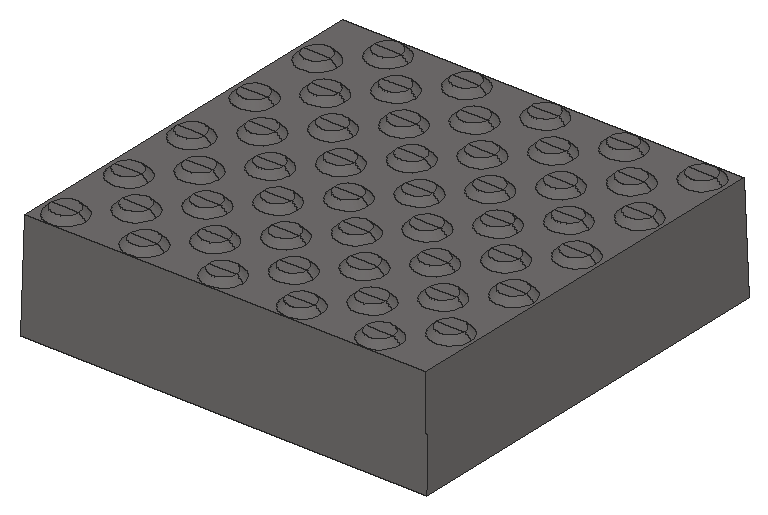
Revit family "Bodenindikator KeDi 50 ", category Allgemeines Modell, Revit 2016
Family settings
  Teiletyp = Normal
  Kann Basisbauteil für Bewehrung sein = Nein
  Bemaßung runder Anschluss = Durchmesser verwenden
  Arbeitsebenenbasiert = Nein
  Immer vertikal = Ja
  Beim Laden mit Abzugskörper schneiden = Nein
  Gemeinsam genutzt = Nein
  Raumberechnungspunkt = Nein
Parameters (values of type "KeDi50 - 300/300/80,45 Anthrazit")
  www = "www.Betonsteinwerk-Knapp.de"
  Steindicke = ""
  Rastermaß L/ B in mm = "300/300"
  RIL = "813.02.01"
  R-Wert  nach DIN 51130 = "R11"
  Produzent = "IKM Betonsteinwerk Knapp & Co GmbH, Muggensturm"
  Produktname = "KeDi50"
  Produktionsnorm = "DIN V 18500"
  Produktfamilie = "Bodenindikator"
  Oberflächenausbildung = "Kegelstumpf"
  Norm = "DIN 32984"
  Materialität = Nr. 469 Anthrazit
  Material = "Hochleistungsfaserbeton"
  LRV-Wert = "3,97"
  Manufacturer = ""
  Gewicht/St = "16,6"
  GTIN - Nummer = "4060851017059"
  Frost- und Tausalzwiderstand (CDF) in g/m² im Mittel = "231"
  Fasenausbildung = "Minifase"
  Farbausführung = "Nr. 469 Anthrazit mit Oberflächenvergütung"
  Email = "Info@Betonsteinwerk-knapp.de"
  Auftrittsfläche = "Rändelstruktur"
  Artikelnummer = "5-305008-469-90"
  80.45 = yes
  64.5 = no
Types (4, lengths in mm): name | R-Wert  nach DIN 51130 | Materialität | LRV-Wert | Gewicht/St | GTIN - Nummer | Frost- und Tausalzwiderstand (CDF) in g/m² im Mittel | Farbausführung | Artikelnummer | 80.45 | 64.5
  KeDi50 - 300/300/64,5 Weiß | "R12" | Nr. 470 Weiß | "53,06" | "12.2" | "4060851017042" | "430" | "Nr. 470 Weiß" | "5-305008-470-00" | no | yes
  KeDi50 - 300/300/80,45 Weiß | "R12" | Nr. 470 Weiß | "53,06" | "16,6" | "4060851017042" | "430" | "Nr. 470 Weiß" | "5-305008-470-00" | yes | no
  KeDi50 - 300/300/80,45 Anthrazit | "R11" | Nr. 469 Anthrazit | "3,97" | "16,6" | "4060851017059" | "231" | "Nr. 469 Anthrazit mit Oberflächenvergütung" | "5-305008-469-90" | yes | no
  KeDi50 - 300/300/64,5 Anthrazit | "R11" | Nr. 469 Anthrazit | "3,97" | "12.2" | "4060851017059" | "231" | "Nr. 469 Anthrazit mit Oberflächenvergütung" | "5-305008-469-90" | no | yes
Reference planes
  plane 1 "Mitte (Vorne/Hinten)": y = 0
  plane 2: z = 0
  plane 3 "Mitte (Links/Rechts)": x = 0
Forms (mm)
  Extrusion 1, solid, material "Nr. 469 Anthrazit" <- "Materialität", visible <- "80.45", detail levels medium+fine
    sketch origin (0, 0, 0) x (1, 0, 0) y (0, 0, 1)
      loop
        line (-299.62, 0) -> (0, 0) -> (-1.809, 80) -> (-297.811, 80) -> (-299.62, 0)
    from 0 to 297
  Revolve 2, solid, material "Nr. 469 Anthrazit" <- "Materialität", visible <- "80.45", detail levels medium+fine
    sketch origin (0.19, -18.5, 0) x (1, 0, 0) y (0, 0, 1)
      loop
        line (-29.31, 84.5) -> (-33.81, 80) -> (-19.31, 80) -> (-19.31, 84.5) -> (-29.31, 84.5)
      axis (-19.31, 84.5) -> (-19.31, 80)
    angle from 0 to 360
  Revolve 3, solid, material "Nr. 469 Anthrazit" <- "Materialität", visible <- "80.45", detail levels medium+fine
    sketch origin (-57.81, -18.5, 0) x (1, 0, 0) y (0, 0, 1)
      loop
        line (-29.31, 84.5) -> (-33.81, 80) -> (-19.31, 80) -> (-19.31, 84.5) -> (-29.31, 84.5)
      axis (-19.31, 84.5) -> (-19.31, 80)
    angle from 0 to 360
  Revolve 4, solid, material "Nr. 469 Anthrazit" <- "Materialität", visible <- "80.45", detail levels medium+fine
    sketch origin (-115.81, -18.5, 0) x (1, 0, 0) y (0, 0, 1)
      loop
        line (-29.31, 84.5) -> (-33.81, 80) -> (-19.31, 80) -> (-19.31, 84.5) -> (-29.31, 84.5)
      axis (-19.31, 84.5) -> (-19.31, 80)
    angle from 0 to 360
  Revolve 5, solid, material "Nr. 469 Anthrazit" <- "Materialität", visible <- "80.45", detail levels medium+fine
    sketch origin (-173.81, -18.5, 0) x (1, 0, 0) y (0, 0, 1)
      loop
        line (-29.31, 84.5) -> (-33.81, 80) -> (-19.31, 80) -> (-19.31, 84.5) -> (-29.31, 84.5)
      axis (-19.31, 84.5) -> (-19.31, 80)
    angle from 0 to 360
  Revolve 6, solid, material "Nr. 469 Anthrazit" <- "Materialität", visible <- "80.45", detail levels medium+fine
    sketch origin (-231.81, -18.5, 0) x (1, 0, 0) y (0, 0, 1)
      loop
        line (-29.31, 84.5) -> (-33.81, 80) -> (-19.31, 80) -> (-19.31, 84.5) -> (-29.31, 84.5)
      axis (-19.31, 84.5) -> (-19.31, 80)
    angle from 0 to 360
  Revolve 7, solid, material "Nr. 469 Anthrazit" <- "Materialität", visible <- "80.45", detail levels medium+fine
    sketch origin (-260.81, -47.5, 0) x (1, 0, 0) y (0, 0, 1)
      loop
        line (-29.31, 84.5) -> (-33.81, 80) -> (-19.31, 80) -> (-19.31, 84.5) -> (-29.31, 84.5)
      axis (-19.31, 84.5) -> (-19.31, 80)
    angle from 0 to 360
  Revolve 8, solid, material "Nr. 469 Anthrazit" <- "Materialität", visible <- "80.45", detail levels medium+fine
    sketch origin (-202.81, -47.5, 0) x (1, 0, 0) y (0, 0, 1)
      loop
        line (-29.31, 84.5) -> (-33.81, 80) -> (-19.31, 80) -> (-19.31, 84.5) -> (-29.31, 84.5)
      axis (-19.31, 84.5) -> (-19.31, 80)
    angle from 0 to 360
  Revolve 9, solid, material "Nr. 469 Anthrazit" <- "Materialität", visible <- "80.45", detail levels medium+fine
    sketch origin (-144.81, -47.5, 0) x (1, 0, 0) y (0, 0, 1)
      loop
        line (-29.31, 84.5) -> (-33.81, 80) -> (-19.31, 80) -> (-19.31, 84.5) -> (-29.31, 84.5)
      axis (-19.31, 84.5) -> (-19.31, 80)
    angle from 0 to 360
  Revolve 10, solid, material "Nr. 469 Anthrazit" <- "Materialität", visible <- "80.45", detail levels medium+fine
    sketch origin (-86.81, -47.5, 0) x (1, 0, 0) y (0, 0, 1)
      loop
        line (-29.31, 84.5) -> (-33.81, 80) -> (-19.31, 80) -> (-19.31, 84.5) -> (-29.31, 84.5)
      axis (-19.31, 84.5) -> (-19.31, 80)
    angle from 0 to 360
  Revolve 11, solid, material "Nr. 469 Anthrazit" <- "Materialität", visible <- "80.45", detail levels medium+fine
    sketch origin (-28.81, -47.5, 0) x (1, 0, 0) y (0, 0, 1)
      loop
        line (-29.31, 84.5) -> (-33.81, 80) -> (-19.31, 80) -> (-19.31, 84.5) -> (-29.31, 84.5)
      axis (-19.31, 84.5) -> (-19.31, 80)
    angle from 0 to 360
  Revolve 12, solid, material "Nr. 469 Anthrazit" <- "Materialität", visible <- "80.45", detail levels medium+fine
    sketch origin (0.19, -76.5, 0) x (1, 0, 0) y (0, 0, 1)
      loop
        line (-29.31, 84.5) -> (-33.81, 80) -> (-19.31, 80) -> (-19.31, 84.5) -> (-29.31, 84.5)
      axis (-19.31, 84.5) -> (-19.31, 80)
    angle from 0 to 360
  Revolve 13, solid, material "Nr. 469 Anthrazit" <- "Materialität", visible <- "80.45", detail levels medium+fine
    sketch origin (-57.81, -76.5, 0) x (1, 0, 0) y (0, 0, 1)
      loop
        line (-29.31, 84.5) -> (-33.81, 80) -> (-19.31, 80) -> (-19.31, 84.5) -> (-29.31, 84.5)
      axis (-19.31, 84.5) -> (-19.31, 80)
    angle from 0 to 360
  Revolve 14, solid, material "Nr. 469 Anthrazit" <- "Materialität", visible <- "80.45", detail levels medium+fine
    sketch origin (-115.81, -76.5, 0) x (1, 0, 0) y (0, 0, 1)
      loop
        line (-29.31, 84.5) -> (-33.81, 80) -> (-19.31, 80) -> (-19.31, 84.5) -> (-29.31, 84.5)
      axis (-19.31, 84.5) -> (-19.31, 80)
    angle from 0 to 360
  Revolve 15, solid, material "Nr. 469 Anthrazit" <- "Materialität", visible <- "80.45", detail levels medium+fine
    sketch origin (-173.81, -76.5, 0) x (1, 0, 0) y (0, 0, 1)
      loop
        line (-29.31, 84.5) -> (-33.81, 80) -> (-19.31, 80) -> (-19.31, 84.5) -> (-29.31, 84.5)
      axis (-19.31, 84.5) -> (-19.31, 80)
    angle from 0 to 360
  Revolve 16, solid, material "Nr. 469 Anthrazit" <- "Materialität", visible <- "80.45", detail levels medium+fine
    sketch origin (-231.81, -76.5, 0) x (1, 0, 0) y (0, 0, 1)
      loop
        line (-29.31, 84.5) -> (-33.81, 80) -> (-19.31, 80) -> (-19.31, 84.5) -> (-29.31, 84.5)
      axis (-19.31, 84.5) -> (-19.31, 80)
    angle from 0 to 360
  Revolve 17, solid, material "Nr. 469 Anthrazit" <- "Materialität", visible <- "80.45", detail levels medium+fine
    sketch origin (-260.81, -105.5, 0) x (1, 0, 0) y (0, 0, 1)
      loop
        line (-29.31, 84.5) -> (-33.81, 80) -> (-19.31, 80) -> (-19.31, 84.5) -> (-29.31, 84.5)
      axis (-19.31, 84.5) -> (-19.31, 80)
    angle from 0 to 360
  Revolve 18, solid, material "Nr. 469 Anthrazit" <- "Materialität", visible <- "80.45", detail levels medium+fine
    sketch origin (-202.81, -105.5, 0) x (1, 0, 0) y (0, 0, 1)
      loop
        line (-29.31, 84.5) -> (-33.81, 80) -> (-19.31, 80) -> (-19.31, 84.5) -> (-29.31, 84.5)
      axis (-19.31, 84.5) -> (-19.31, 80)
    angle from 0 to 360
  Revolve 19, solid, material "Nr. 469 Anthrazit" <- "Materialität", visible <- "80.45", detail levels medium+fine
    sketch origin (-144.81, -105.5, 0) x (1, 0, 0) y (0, 0, 1)
      loop
        line (-29.31, 84.5) -> (-33.81, 80) -> (-19.31, 80) -> (-19.31, 84.5) -> (-29.31, 84.5)
      axis (-19.31, 84.5) -> (-19.31, 80)
    angle from 0 to 360
  Revolve 20, solid, material "Nr. 469 Anthrazit" <- "Materialität", visible <- "80.45", detail levels medium+fine
    sketch origin (-86.81, -105.5, 0) x (1, 0, 0) y (0, 0, 1)
      loop
        line (-29.31, 84.5) -> (-33.81, 80) -> (-19.31, 80) -> (-19.31, 84.5) -> (-29.31, 84.5)
      axis (-19.31, 84.5) -> (-19.31, 80)
    angle from 0 to 360
  Revolve 21, solid, material "Nr. 469 Anthrazit" <- "Materialität", visible <- "80.45", detail levels medium+fine
    sketch origin (-28.81, -105.5, 0) x (1, 0, 0) y (0, 0, 1)
      loop
        line (-29.31, 84.5) -> (-33.81, 80) -> (-19.31, 80) -> (-19.31, 84.5) -> (-29.31, 84.5)
      axis (-19.31, 84.5) -> (-19.31, 80)
    angle from 0 to 360
  Revolve 22, solid, material "Nr. 469 Anthrazit" <- "Materialität", visible <- "80.45", detail levels medium+fine
    sketch origin (0.19, -134.5, 0) x (1, 0, 0) y (0, 0, 1)
      loop
        line (-29.31, 84.5) -> (-33.81, 80) -> (-19.31, 80) -> (-19.31, 84.5) -> (-29.31, 84.5)
      axis (-19.31, 84.5) -> (-19.31, 80)
    angle from 0 to 360
  Revolve 23, solid, material "Nr. 469 Anthrazit" <- "Materialität", visible <- "80.45", detail levels medium+fine
    sketch origin (-57.81, -134.5, 0) x (1, 0, 0) y (0, 0, 1)
      loop
        line (-29.31, 84.5) -> (-33.81, 80) -> (-19.31, 80) -> (-19.31, 84.5) -> (-29.31, 84.5)
      axis (-19.31, 84.5) -> (-19.31, 80)
    angle from 0 to 360
  Revolve 24, solid, material "Nr. 469 Anthrazit" <- "Materialität", visible <- "80.45", detail levels medium+fine
    sketch origin (-115.81, -134.5, 0) x (1, 0, 0) y (0, 0, 1)
      loop
        line (-29.31, 84.5) -> (-33.81, 80) -> (-19.31, 80) -> (-19.31, 84.5) -> (-29.31, 84.5)
      axis (-19.31, 84.5) -> (-19.31, 80)
    angle from 0 to 360
  Revolve 25, solid, material "Nr. 469 Anthrazit" <- "Materialität", visible <- "80.45", detail levels medium+fine
    sketch origin (-173.81, -134.5, 0) x (1, 0, 0) y (0, 0, 1)
      loop
        line (-29.31, 84.5) -> (-33.81, 80) -> (-19.31, 80) -> (-19.31, 84.5) -> (-29.31, 84.5)
      axis (-19.31, 84.5) -> (-19.31, 80)
    angle from 0 to 360
  Revolve 26, solid, material "Nr. 469 Anthrazit" <- "Materialität", visible <- "80.45", detail levels medium+fine
    sketch origin (-231.81, -134.5, 0) x (1, 0, 0) y (0, 0, 1)
      loop
        line (-29.31, 84.5) -> (-33.81, 80) -> (-19.31, 80) -> (-19.31, 84.5) -> (-29.31, 84.5)
      axis (-19.31, 84.5) -> (-19.31, 80)
    angle from 0 to 360
  Revolve 27, solid, material "Nr. 469 Anthrazit" <- "Materialität", visible <- "80.45", detail levels medium+fine
    sketch origin (-260.81, -163.5, 0) x (1, 0, 0) y (0, 0, 1)
      loop
        line (-29.31, 84.5) -> (-33.81, 80) -> (-19.31, 80) -> (-19.31, 84.5) -> (-29.31, 84.5)
      axis (-19.31, 84.5) -> (-19.31, 80)
    angle from 0 to 360
  Revolve 28, solid, material "Nr. 469 Anthrazit" <- "Materialität", visible <- "80.45", detail levels medium+fine
    sketch origin (-202.81, -163.5, 0) x (1, 0, 0) y (0, 0, 1)
      loop
        line (-29.31, 84.5) -> (-33.81, 80) -> (-19.31, 80) -> (-19.31, 84.5) -> (-29.31, 84.5)
      axis (-19.31, 84.5) -> (-19.31, 80)
    angle from 0 to 360
  Revolve 29, solid, material "Nr. 469 Anthrazit" <- "Materialität", visible <- "80.45", detail levels medium+fine
    sketch origin (-144.81, -163.5, 0) x (1, 0, 0) y (0, 0, 1)
      loop
        line (-29.31, 84.5) -> (-33.81, 80) -> (-19.31, 80) -> (-19.31, 84.5) -> (-29.31, 84.5)
      axis (-19.31, 84.5) -> (-19.31, 80)
    angle from 0 to 360
  Revolve 30, solid, material "Nr. 469 Anthrazit" <- "Materialität", visible <- "80.45", detail levels medium+fine
    sketch origin (-86.81, -163.5, 0) x (1, 0, 0) y (0, 0, 1)
      loop
        line (-29.31, 84.5) -> (-33.81, 80) -> (-19.31, 80) -> (-19.31, 84.5) -> (-29.31, 84.5)
      axis (-19.31, 84.5) -> (-19.31, 80)
    angle from 0 to 360
  Revolve 31, solid, material "Nr. 469 Anthrazit" <- "Materialität", visible <- "80.45", detail levels medium+fine
    sketch origin (-28.81, -163.5, 0) x (1, 0, 0) y (0, 0, 1)
      loop
        line (-29.31, 84.5) -> (-33.81, 80) -> (-19.31, 80) -> (-19.31, 84.5) -> (-29.31, 84.5)
      axis (-19.31, 84.5) -> (-19.31, 80)
    angle from 0 to 360
  Revolve 32, solid, material "Nr. 469 Anthrazit" <- "Materialität", visible <- "80.45", detail levels medium+fine
    sketch origin (0.19, -192.5, 0) x (1, 0, 0) y (0, 0, 1)
      loop
        line (-29.31, 84.5) -> (-33.81, 80) -> (-19.31, 80) -> (-19.31, 84.5) -> (-29.31, 84.5)
      axis (-19.31, 84.5) -> (-19.31, 80)
    angle from 0 to 360
  Revolve 33, solid, material "Nr. 469 Anthrazit" <- "Materialität", visible <- "80.45", detail levels medium+fine
    sketch origin (-57.81, -192.5, 0) x (1, 0, 0) y (0, 0, 1)
      loop
        line (-29.31, 84.5) -> (-33.81, 80) -> (-19.31, 80) -> (-19.31, 84.5) -> (-29.31, 84.5)
      axis (-19.31, 84.5) -> (-19.31, 80)
    angle from 0 to 360
  Revolve 34, solid, material "Nr. 469 Anthrazit" <- "Materialität", visible <- "80.45", detail levels medium+fine
    sketch origin (-115.81, -192.5, 0) x (1, 0, 0) y (0, 0, 1)
      loop
        line (-29.31, 84.5) -> (-33.81, 80) -> (-19.31, 80) -> (-19.31, 84.5) -> (-29.31, 84.5)
      axis (-19.31, 84.5) -> (-19.31, 80)
    angle from 0 to 360
  Revolve 35, solid, material "Nr. 469 Anthrazit" <- "Materialität", visible <- "80.45", detail levels medium+fine
    sketch origin (-173.81, -192.5, 0) x (1, 0, 0) y (0, 0, 1)
      loop
        line (-29.31, 84.5) -> (-33.81, 80) -> (-19.31, 80) -> (-19.31, 84.5) -> (-29.31, 84.5)
      axis (-19.31, 84.5) -> (-19.31, 80)
    angle from 0 to 360
  Revolve 36, solid, material "Nr. 469 Anthrazit" <- "Materialität", visible <- "80.45", detail levels medium+fine
    sketch origin (-231.81, -192.5, 0) x (1, 0, 0) y (0, 0, 1)
      loop
        line (-29.31, 84.5) -> (-33.81, 80) -> (-19.31, 80) -> (-19.31, 84.5) -> (-29.31, 84.5)
      axis (-19.31, 84.5) -> (-19.31, 80)
    angle from 0 to 360
  Revolve 37, solid, material "Nr. 469 Anthrazit" <- "Materialität", visible <- "80.45", detail levels medium+fine
    sketch origin (-260.81, -221.5, 0) x (1, 0, 0) y (0, 0, 1)
      loop
        line (-29.31, 84.5) -> (-33.81, 80) -> (-19.31, 80) -> (-19.31, 84.5) -> (-29.31, 84.5)
      axis (-19.31, 84.5) -> (-19.31, 80)
    angle from 0 to 360
  Revolve 38, solid, material "Nr. 469 Anthrazit" <- "Materialität", visible <- "80.45", detail levels medium+fine
    sketch origin (-202.81, -221.5, 0) x (1, 0, 0) y (0, 0, 1)
      loop
        line (-29.31, 84.5) -> (-33.81, 80) -> (-19.31, 80) -> (-19.31, 84.5) -> (-29.31, 84.5)
      axis (-19.31, 84.5) -> (-19.31, 80)
    angle from 0 to 360
  Revolve 39, solid, material "Nr. 469 Anthrazit" <- "Materialität", visible <- "80.45", detail levels medium+fine
    sketch origin (-144.81, -221.5, 0) x (1, 0, 0) y (0, 0, 1)
      loop
        line (-29.31, 84.5) -> (-33.81, 80) -> (-19.31, 80) -> (-19.31, 84.5) -> (-29.31, 84.5)
      axis (-19.31, 84.5) -> (-19.31, 80)
    angle from 0 to 360
  Revolve 40, solid, material "Nr. 469 Anthrazit" <- "Materialität", visible <- "80.45", detail levels medium+fine
    sketch origin (-86.81, -221.5, 0) x (1, 0, 0) y (0, 0, 1)
      loop
        line (-29.31, 84.5) -> (-33.81, 80) -> (-19.31, 80) -> (-19.31, 84.5) -> (-29.31, 84.5)
      axis (-19.31, 84.5) -> (-19.31, 80)
    angle from 0 to 360
  Revolve 41, solid, material "Nr. 469 Anthrazit" <- "Materialität", visible <- "80.45", detail levels medium+fine
    sketch origin (-28.81, -221.5, 0) x (1, 0, 0) y (0, 0, 1)
      loop
        line (-29.31, 84.5) -> (-33.81, 80) -> (-19.31, 80) -> (-19.31, 84.5) -> (-29.31, 84.5)
      axis (-19.31, 84.5) -> (-19.31, 80)
    angle from 0 to 360
  Revolve 42, solid, material "Nr. 469 Anthrazit" <- "Materialität", visible <- "80.45", detail levels medium+fine
    sketch origin (0.19, -250.5, 0) x (1, 0, 0) y (0, 0, 1)
      loop
        line (-29.31, 84.5) -> (-33.81, 80) -> (-19.31, 80) -> (-19.31, 84.5) -> (-29.31, 84.5)
      axis (-19.31, 84.5) -> (-19.31, 80)
    angle from 0 to 360
  Revolve 43, solid, material "Nr. 469 Anthrazit" <- "Materialität", visible <- "80.45", detail levels medium+fine
    sketch origin (-57.81, -250.5, 0) x (1, 0, 0) y (0, 0, 1)
      loop
        line (-29.31, 84.5) -> (-33.81, 80) -> (-19.31, 80) -> (-19.31, 84.5) -> (-29.31, 84.5)
      axis (-19.31, 84.5) -> (-19.31, 80)
    angle from 0 to 360
  Revolve 44, solid, material "Nr. 469 Anthrazit" <- "Materialität", visible <- "80.45", detail levels medium+fine
    sketch origin (-115.81, -250.5, 0) x (1, 0, 0) y (0, 0, 1)
      loop
        line (-29.31, 84.5) -> (-33.81, 80) -> (-19.31, 80) -> (-19.31, 84.5) -> (-29.31, 84.5)
      axis (-19.31, 84.5) -> (-19.31, 80)
    angle from 0 to 360
  Revolve 45, solid, material "Nr. 469 Anthrazit" <- "Materialität", visible <- "80.45", detail levels medium+fine
    sketch origin (-173.81, -250.5, 0) x (1, 0, 0) y (0, 0, 1)
      loop
        line (-29.31, 84.5) -> (-33.81, 80) -> (-19.31, 80) -> (-19.31, 84.5) -> (-29.31, 84.5)
      axis (-19.31, 84.5) -> (-19.31, 80)
    angle from 0 to 360
  Revolve 46, solid, material "Nr. 469 Anthrazit" <- "Materialität", visible <- "80.45", detail levels medium+fine
    sketch origin (-231.81, -250.5, 0) x (1, 0, 0) y (0, 0, 1)
      loop
        line (-29.31, 84.5) -> (-33.81, 80) -> (-19.31, 80) -> (-19.31, 84.5) -> (-29.31, 84.5)
      axis (-19.31, 84.5) -> (-19.31, 80)
    angle from 0 to 360
  Revolve 47, solid, material "Nr. 469 Anthrazit" <- "Materialität", visible <- "80.45", detail levels medium+fine
    sketch origin (-260.81, -279.5, 0) x (1, 0, 0) y (0, 0, 1)
      loop
        line (-29.31, 84.5) -> (-33.81, 80) -> (-19.31, 80) -> (-19.31, 84.5) -> (-29.31, 84.5)
      axis (-19.31, 84.5) -> (-19.31, 80)
    angle from 0 to 360
  Revolve 48, solid, material "Nr. 469 Anthrazit" <- "Materialität", visible <- "80.45", detail levels medium+fine
    sketch origin (-202.81, -279.5, 0) x (1, 0, 0) y (0, 0, 1)
      loop
        line (-29.31, 84.5) -> (-33.81, 80) -> (-19.31, 80) -> (-19.31, 84.5) -> (-29.31, 84.5)
      axis (-19.31, 84.5) -> (-19.31, 80)
    angle from 0 to 360
  Revolve 49, solid, material "Nr. 469 Anthrazit" <- "Materialität", visible <- "80.45", detail levels medium+fine
    sketch origin (-144.81, -279.5, 0) x (1, 0, 0) y (0, 0, 1)
      loop
        line (-29.31, 84.5) -> (-33.81, 80) -> (-19.31, 80) -> (-19.31, 84.5) -> (-29.31, 84.5)
      axis (-19.31, 84.5) -> (-19.31, 80)
    angle from 0 to 360
  Revolve 50, solid, material "Nr. 469 Anthrazit" <- "Materialität", visible <- "80.45", detail levels medium+fine
    sketch origin (-86.81, -279.5, 0) x (1, 0, 0) y (0, 0, 1)
      loop
        line (-29.31, 84.5) -> (-33.81, 80) -> (-19.31, 80) -> (-19.31, 84.5) -> (-29.31, 84.5)
      axis (-19.31, 84.5) -> (-19.31, 80)
    angle from 0 to 360
  Revolve 51, solid, material "Nr. 469 Anthrazit" <- "Materialität", visible <- "80.45", detail levels medium+fine
    sketch origin (-28.81, -279.5, 0) x (1, 0, 0) y (0, 0, 1)
      loop
        line (-29.31, 84.5) -> (-33.81, 80) -> (-19.31, 80) -> (-19.31, 84.5) -> (-29.31, 84.5)
      axis (-19.31, 84.5) -> (-19.31, 80)
    angle from 0 to 360
  Extrusion 52, void
    sketch origin (0, 0, 0) x (0, 1, 0) y (0, 0, 1)
      loop
        line (-297, 80) -> (-297, 0) -> (-295.2, 80) -> (-297, 80)
      loop
        line (0, 80) -> (-1.8, 80) -> (0, 0) -> (0, 80)
    from 0 to -299.62
  Extrusion 53, solid, material "Nr. 469 Anthrazit" <- "Materialität", visible <- "64.5", detail levels medium+fine
    sketch origin (0, 0, 0) x (1, 0, 0) y (0, 0, 1)
      loop
        line (-299.62, 0) -> (0, 0) -> (-1.448, 64.05) -> (-298.172, 64.05) -> (-299.62, 0)
    from 0 to 297
  Revolve 54, solid, material "Nr. 469 Anthrazit" <- "Materialität", visible <- "64.5", detail levels medium+fine
    sketch origin (0.19, -18.5, -15.95) x (1, 0, 0) y (0, 0, 1)
      loop
        line (-29.31, 84.5) -> (-33.81, 80) -> (-19.31, 80) -> (-19.31, 84.5) -> (-29.31, 84.5)
      axis (-19.31, 84.5) -> (-19.31, 80)
    angle from 0 to 360
  Revolve 55, solid, material "Nr. 469 Anthrazit" <- "Materialität", visible <- "64.5", detail levels medium+fine
    sketch origin (-57.81, -18.5, -15.95) x (1, 0, 0) y (0, 0, 1)
      loop
        line (-29.31, 84.5) -> (-33.81, 80) -> (-19.31, 80) -> (-19.31, 84.5) -> (-29.31, 84.5)
      axis (-19.31, 84.5) -> (-19.31, 80)
    angle from 0 to 360
  Revolve 56, solid, material "Nr. 469 Anthrazit" <- "Materialität", visible <- "64.5", detail levels medium+fine
    sketch origin (-115.81, -18.5, -15.95) x (1, 0, 0) y (0, 0, 1)
      loop
        line (-29.31, 84.5) -> (-33.81, 80) -> (-19.31, 80) -> (-19.31, 84.5) -> (-29.31, 84.5)
      axis (-19.31, 84.5) -> (-19.31, 80)
    angle from 0 to 360
  Revolve 57, solid, material "Nr. 469 Anthrazit" <- "Materialität", visible <- "64.5", detail levels medium+fine
    sketch origin (-173.81, -18.5, -15.95) x (1, 0, 0) y (0, 0, 1)
      loop
        line (-29.31, 84.5) -> (-33.81, 80) -> (-19.31, 80) -> (-19.31, 84.5) -> (-29.31, 84.5)
      axis (-19.31, 84.5) -> (-19.31, 80)
    angle from 0 to 360
  Revolve 58, solid, material "Nr. 469 Anthrazit" <- "Materialität", visible <- "64.5", detail levels medium+fine
    sketch origin (-231.81, -18.5, -15.95) x (1, 0, 0) y (0, 0, 1)
      loop
        line (-29.31, 84.5) -> (-33.81, 80) -> (-19.31, 80) -> (-19.31, 84.5) -> (-29.31, 84.5)
      axis (-19.31, 84.5) -> (-19.31, 80)
    angle from 0 to 360
  Revolve 59, solid, material "Nr. 469 Anthrazit" <- "Materialität", visible <- "64.5", detail levels medium+fine
    sketch origin (-260.81, -47.5, -15.95) x (1, 0, 0) y (0, 0, 1)
      loop
        line (-29.31, 84.5) -> (-33.81, 80) -> (-19.31, 80) -> (-19.31, 84.5) -> (-29.31, 84.5)
      axis (-19.31, 84.5) -> (-19.31, 80)
    angle from 0 to 360
  Revolve 60, solid, material "Nr. 469 Anthrazit" <- "Materialität", visible <- "64.5", detail levels medium+fine
    sketch origin (-202.81, -47.5, -15.95) x (1, 0, 0) y (0, 0, 1)
      loop
        line (-29.31, 84.5) -> (-33.81, 80) -> (-19.31, 80) -> (-19.31, 84.5) -> (-29.31, 84.5)
      axis (-19.31, 84.5) -> (-19.31, 80)
    angle from 0 to 360
  Revolve 61, solid, material "Nr. 469 Anthrazit" <- "Materialität", visible <- "64.5", detail levels medium+fine
    sketch origin (-144.81, -47.5, -15.95) x (1, 0, 0) y (0, 0, 1)
      loop
        line (-29.31, 84.5) -> (-33.81, 80) -> (-19.31, 80) -> (-19.31, 84.5) -> (-29.31, 84.5)
      axis (-19.31, 84.5) -> (-19.31, 80)
    angle from 0 to 360
  Revolve 62, solid, material "Nr. 469 Anthrazit" <- "Materialität", visible <- "64.5", detail levels medium+fine
    sketch origin (-86.81, -47.5, -15.95) x (1, 0, 0) y (0, 0, 1)
      loop
        line (-29.31, 84.5) -> (-33.81, 80) -> (-19.31, 80) -> (-19.31, 84.5) -> (-29.31, 84.5)
      axis (-19.31, 84.5) -> (-19.31, 80)
    angle from 0 to 360
  Revolve 63, solid, material "Nr. 469 Anthrazit" <- "Materialität", visible <- "64.5", detail levels medium+fine
    sketch origin (-28.81, -47.5, -15.95) x (1, 0, 0) y (0, 0, 1)
      loop
        line (-29.31, 84.5) -> (-33.81, 80) -> (-19.31, 80) -> (-19.31, 84.5) -> (-29.31, 84.5)
      axis (-19.31, 84.5) -> (-19.31, 80)
    angle from 0 to 360
  Revolve 64, solid, material "Nr. 469 Anthrazit" <- "Materialität", visible <- "64.5", detail levels medium+fine
    sketch origin (0.19, -76.5, -15.95) x (1, 0, 0) y (0, 0, 1)
      loop
        line (-29.31, 84.5) -> (-33.81, 80) -> (-19.31, 80) -> (-19.31, 84.5) -> (-29.31, 84.5)
      axis (-19.31, 84.5) -> (-19.31, 80)
    angle from 0 to 360
  Revolve 65, solid, material "Nr. 469 Anthrazit" <- "Materialität", visible <- "64.5", detail levels medium+fine
    sketch origin (-57.81, -76.5, -15.95) x (1, 0, 0) y (0, 0, 1)
      loop
        line (-29.31, 84.5) -> (-33.81, 80) -> (-19.31, 80) -> (-19.31, 84.5) -> (-29.31, 84.5)
      axis (-19.31, 84.5) -> (-19.31, 80)
    angle from 0 to 360
  Revolve 66, solid, material "Nr. 469 Anthrazit" <- "Materialität", visible <- "64.5", detail levels medium+fine
    sketch origin (-115.81, -76.5, -15.95) x (1, 0, 0) y (0, 0, 1)
      loop
        line (-29.31, 84.5) -> (-33.81, 80) -> (-19.31, 80) -> (-19.31, 84.5) -> (-29.31, 84.5)
      axis (-19.31, 84.5) -> (-19.31, 80)
    angle from 0 to 360
  Revolve 67, solid, material "Nr. 469 Anthrazit" <- "Materialität", visible <- "64.5", detail levels medium+fine
    sketch origin (-173.81, -76.5, -15.95) x (1, 0, 0) y (0, 0, 1)
      loop
        line (-29.31, 84.5) -> (-33.81, 80) -> (-19.31, 80) -> (-19.31, 84.5) -> (-29.31, 84.5)
      axis (-19.31, 84.5) -> (-19.31, 80)
    angle from 0 to 360
  Revolve 68, solid, material "Nr. 469 Anthrazit" <- "Materialität", visible <- "64.5", detail levels medium+fine
    sketch origin (-231.81, -76.5, -15.95) x (1, 0, 0) y (0, 0, 1)
      loop
        line (-29.31, 84.5) -> (-33.81, 80) -> (-19.31, 80) -> (-19.31, 84.5) -> (-29.31, 84.5)
      axis (-19.31, 84.5) -> (-19.31, 80)
    angle from 0 to 360
  Revolve 69, solid, material "Nr. 469 Anthrazit" <- "Materialität", visible <- "64.5", detail levels medium+fine
    sketch origin (-260.81, -105.5, -15.95) x (1, 0, 0) y (0, 0, 1)
      loop
        line (-29.31, 84.5) -> (-33.81, 80) -> (-19.31, 80) -> (-19.31, 84.5) -> (-29.31, 84.5)
      axis (-19.31, 84.5) -> (-19.31, 80)
    angle from 0 to 360
  Revolve 70, solid, material "Nr. 469 Anthrazit" <- "Materialität", visible <- "64.5", detail levels medium+fine
    sketch origin (-202.81, -105.5, -15.95) x (1, 0, 0) y (0, 0, 1)
      loop
        line (-29.31, 84.5) -> (-33.81, 80) -> (-19.31, 80) -> (-19.31, 84.5) -> (-29.31, 84.5)
      axis (-19.31, 84.5) -> (-19.31, 80)
    angle from 0 to 360
  Revolve 71, solid, material "Nr. 469 Anthrazit" <- "Materialität", visible <- "64.5", detail levels medium+fine
    sketch origin (-144.81, -105.5, -15.95) x (1, 0, 0) y (0, 0, 1)
      loop
        line (-29.31, 84.5) -> (-33.81, 80) -> (-19.31, 80) -> (-19.31, 84.5) -> (-29.31, 84.5)
      axis (-19.31, 84.5) -> (-19.31, 80)
    angle from 0 to 360
  Revolve 72, solid, material "Nr. 469 Anthrazit" <- "Materialität", visible <- "64.5", detail levels medium+fine
    sketch origin (-86.81, -105.5, -15.95) x (1, 0, 0) y (0, 0, 1)
      loop
        line (-29.31, 84.5) -> (-33.81, 80) -> (-19.31, 80) -> (-19.31, 84.5) -> (-29.31, 84.5)
      axis (-19.31, 84.5) -> (-19.31, 80)
    angle from 0 to 360
  Revolve 73, solid, material "Nr. 469 Anthrazit" <- "Materialität", visible <- "64.5", detail levels medium+fine
    sketch origin (-28.81, -105.5, -15.95) x (1, 0, 0) y (0, 0, 1)
      loop
        line (-29.31, 84.5) -> (-33.81, 80) -> (-19.31, 80) -> (-19.31, 84.5) -> (-29.31, 84.5)
      axis (-19.31, 84.5) -> (-19.31, 80)
    angle from 0 to 360
  Revolve 74, solid, material "Nr. 469 Anthrazit" <- "Materialität", visible <- "64.5", detail levels medium+fine
    sketch origin (0.19, -134.5, -15.95) x (1, 0, 0) y (0, 0, 1)
      loop
        line (-29.31, 84.5) -> (-33.81, 80) -> (-19.31, 80) -> (-19.31, 84.5) -> (-29.31, 84.5)
      axis (-19.31, 84.5) -> (-19.31, 80)
    angle from 0 to 360
  Revolve 75, solid, material "Nr. 469 Anthrazit" <- "Materialität", visible <- "64.5", detail levels medium+fine
    sketch origin (-57.81, -134.5, -15.95) x (1, 0, 0) y (0, 0, 1)
      loop
        line (-29.31, 84.5) -> (-33.81, 80) -> (-19.31, 80) -> (-19.31, 84.5) -> (-29.31, 84.5)
      axis (-19.31, 84.5) -> (-19.31, 80)
    angle from 0 to 360
  Revolve 76, solid, material "Nr. 469 Anthrazit" <- "Materialität", visible <- "64.5", detail levels medium+fine
    sketch origin (-115.81, -134.5, -15.95) x (1, 0, 0) y (0, 0, 1)
      loop
        line (-29.31, 84.5) -> (-33.81, 80) -> (-19.31, 80) -> (-19.31, 84.5) -> (-29.31, 84.5)
      axis (-19.31, 84.5) -> (-19.31, 80)
    angle from 0 to 360
  Revolve 77, solid, material "Nr. 469 Anthrazit" <- "Materialität", visible <- "64.5", detail levels medium+fine
    sketch origin (-173.81, -134.5, -15.95) x (1, 0, 0) y (0, 0, 1)
      loop
        line (-29.31, 84.5) -> (-33.81, 80) -> (-19.31, 80) -> (-19.31, 84.5) -> (-29.31, 84.5)
      axis (-19.31, 84.5) -> (-19.31, 80)
    angle from 0 to 360
  Revolve 78, solid, material "Nr. 469 Anthrazit" <- "Materialität", visible <- "64.5", detail levels medium+fine
    sketch origin (-231.81, -134.5, -15.95) x (1, 0, 0) y (0, 0, 1)
      loop
        line (-29.31, 84.5) -> (-33.81, 80) -> (-19.31, 80) -> (-19.31, 84.5) -> (-29.31, 84.5)
      axis (-19.31, 84.5) -> (-19.31, 80)
    angle from 0 to 360
  Revolve 79, solid, material "Nr. 469 Anthrazit" <- "Materialität", visible <- "64.5", detail levels medium+fine
    sketch origin (-260.81, -163.5, -15.95) x (1, 0, 0) y (0, 0, 1)
      loop
        line (-29.31, 84.5) -> (-33.81, 80) -> (-19.31, 80) -> (-19.31, 84.5) -> (-29.31, 84.5)
      axis (-19.31, 84.5) -> (-19.31, 80)
    angle from 0 to 360
  Revolve 80, solid, material "Nr. 469 Anthrazit" <- "Materialität", visible <- "64.5", detail levels medium+fine
    sketch origin (-202.81, -163.5, -15.95) x (1, 0, 0) y (0, 0, 1)
      loop
        line (-29.31, 84.5) -> (-33.81, 80) -> (-19.31, 80) -> (-19.31, 84.5) -> (-29.31, 84.5)
      axis (-19.31, 84.5) -> (-19.31, 80)
    angle from 0 to 360
  Revolve 81, solid, material "Nr. 469 Anthrazit" <- "Materialität", visible <- "64.5", detail levels medium+fine
    sketch origin (-144.81, -163.5, -15.95) x (1, 0, 0) y (0, 0, 1)
      loop
        line (-29.31, 84.5) -> (-33.81, 80) -> (-19.31, 80) -> (-19.31, 84.5) -> (-29.31, 84.5)
      axis (-19.31, 84.5) -> (-19.31, 80)
    angle from 0 to 360
  Revolve 82, solid, material "Nr. 469 Anthrazit" <- "Materialität", visible <- "64.5", detail levels medium+fine
    sketch origin (-86.81, -163.5, -15.95) x (1, 0, 0) y (0, 0, 1)
      loop
        line (-29.31, 84.5) -> (-33.81, 80) -> (-19.31, 80) -> (-19.31, 84.5) -> (-29.31, 84.5)
      axis (-19.31, 84.5) -> (-19.31, 80)
    angle from 0 to 360
  Revolve 83, solid, material "Nr. 469 Anthrazit" <- "Materialität", visible <- "64.5", detail levels medium+fine
    sketch origin (-28.81, -163.5, -15.95) x (1, 0, 0) y (0, 0, 1)
      loop
        line (-29.31, 84.5) -> (-33.81, 80) -> (-19.31, 80) -> (-19.31, 84.5) -> (-29.31, 84.5)
      axis (-19.31, 84.5) -> (-19.31, 80)
    angle from 0 to 360
  Revolve 84, solid, material "Nr. 469 Anthrazit" <- "Materialität", visible <- "64.5", detail levels medium+fine
    sketch origin (0.19, -192.5, -15.95) x (1, 0, 0) y (0, 0, 1)
      loop
        line (-29.31, 84.5) -> (-33.81, 80) -> (-19.31, 80) -> (-19.31, 84.5) -> (-29.31, 84.5)
      axis (-19.31, 84.5) -> (-19.31, 80)
    angle from 0 to 360
  Revolve 85, solid, material "Nr. 469 Anthrazit" <- "Materialität", visible <- "64.5", detail levels medium+fine
    sketch origin (-57.81, -192.5, -15.95) x (1, 0, 0) y (0, 0, 1)
      loop
        line (-29.31, 84.5) -> (-33.81, 80) -> (-19.31, 80) -> (-19.31, 84.5) -> (-29.31, 84.5)
      axis (-19.31, 84.5) -> (-19.31, 80)
    angle from 0 to 360
  Revolve 86, solid, material "Nr. 469 Anthrazit" <- "Materialität", visible <- "64.5", detail levels medium+fine
    sketch origin (-115.81, -192.5, -15.95) x (1, 0, 0) y (0, 0, 1)
      loop
        line (-29.31, 84.5) -> (-33.81, 80) -> (-19.31, 80) -> (-19.31, 84.5) -> (-29.31, 84.5)
      axis (-19.31, 84.5) -> (-19.31, 80)
    angle from 0 to 360
  Revolve 87, solid, material "Nr. 469 Anthrazit" <- "Materialität", visible <- "64.5", detail levels medium+fine
    sketch origin (-173.81, -192.5, -15.95) x (1, 0, 0) y (0, 0, 1)
      loop
        line (-29.31, 84.5) -> (-33.81, 80) -> (-19.31, 80) -> (-19.31, 84.5) -> (-29.31, 84.5)
      axis (-19.31, 84.5) -> (-19.31, 80)
    angle from 0 to 360
  Revolve 88, solid, material "Nr. 469 Anthrazit" <- "Materialität", visible <- "64.5", detail levels medium+fine
    sketch origin (-231.81, -192.5, -15.95) x (1, 0, 0) y (0, 0, 1)
      loop
        line (-29.31, 84.5) -> (-33.81, 80) -> (-19.31, 80) -> (-19.31, 84.5) -> (-29.31, 84.5)
      axis (-19.31, 84.5) -> (-19.31, 80)
    angle from 0 to 360
  Revolve 89, solid, material "Nr. 469 Anthrazit" <- "Materialität", visible <- "64.5", detail levels medium+fine
    sketch origin (-260.81, -221.5, -15.95) x (1, 0, 0) y (0, 0, 1)
      loop
        line (-29.31, 84.5) -> (-33.81, 80) -> (-19.31, 80) -> (-19.31, 84.5) -> (-29.31, 84.5)
      axis (-19.31, 84.5) -> (-19.31, 80)
    angle from 0 to 360
  Revolve 90, solid, material "Nr. 469 Anthrazit" <- "Materialität", visible <- "64.5", detail levels medium+fine
    sketch origin (-202.81, -221.5, -15.95) x (1, 0, 0) y (0, 0, 1)
      loop
        line (-29.31, 84.5) -> (-33.81, 80) -> (-19.31, 80) -> (-19.31, 84.5) -> (-29.31, 84.5)
      axis (-19.31, 84.5) -> (-19.31, 80)
    angle from 0 to 360
  Revolve 91, solid, material "Nr. 469 Anthrazit" <- "Materialität", visible <- "64.5", detail levels medium+fine
    sketch origin (-144.81, -221.5, -15.95) x (1, 0, 0) y (0, 0, 1)
      loop
        line (-29.31, 84.5) -> (-33.81, 80) -> (-19.31, 80) -> (-19.31, 84.5) -> (-29.31, 84.5)
      axis (-19.31, 84.5) -> (-19.31, 80)
    angle from 0 to 360
  Revolve 92, solid, material "Nr. 469 Anthrazit" <- "Materialität", visible <- "64.5", detail levels medium+fine
    sketch origin (-86.81, -221.5, -15.95) x (1, 0, 0) y (0, 0, 1)
      loop
        line (-29.31, 84.5) -> (-33.81, 80) -> (-19.31, 80) -> (-19.31, 84.5) -> (-29.31, 84.5)
      axis (-19.31, 84.5) -> (-19.31, 80)
    angle from 0 to 360
  Revolve 93, solid, material "Nr. 469 Anthrazit" <- "Materialität", visible <- "64.5", detail levels medium+fine
    sketch origin (-28.81, -221.5, -15.95) x (1, 0, 0) y (0, 0, 1)
      loop
        line (-29.31, 84.5) -> (-33.81, 80) -> (-19.31, 80) -> (-19.31, 84.5) -> (-29.31, 84.5)
      axis (-19.31, 84.5) -> (-19.31, 80)
    angle from 0 to 360
  Revolve 94, solid, material "Nr. 469 Anthrazit" <- "Materialität", visible <- "64.5", detail levels medium+fine
    sketch origin (0.19, -250.5, -15.95) x (1, 0, 0) y (0, 0, 1)
      loop
        line (-29.31, 84.5) -> (-33.81, 80) -> (-19.31, 80) -> (-19.31, 84.5) -> (-29.31, 84.5)
      axis (-19.31, 84.5) -> (-19.31, 80)
    angle from 0 to 360
  Revolve 95, solid, material "Nr. 469 Anthrazit" <- "Materialität", visible <- "64.5", detail levels medium+fine
    sketch origin (-57.81, -250.5, -15.95) x (1, 0, 0) y (0, 0, 1)
      loop
        line (-29.31, 84.5) -> (-33.81, 80) -> (-19.31, 80) -> (-19.31, 84.5) -> (-29.31, 84.5)
      axis (-19.31, 84.5) -> (-19.31, 80)
    angle from 0 to 360
  Revolve 96, solid, material "Nr. 469 Anthrazit" <- "Materialität", visible <- "64.5", detail levels medium+fine
    sketch origin (-115.81, -250.5, -15.95) x (1, 0, 0) y (0, 0, 1)
      loop
        line (-29.31, 84.5) -> (-33.81, 80) -> (-19.31, 80) -> (-19.31, 84.5) -> (-29.31, 84.5)
      axis (-19.31, 84.5) -> (-19.31, 80)
    angle from 0 to 360
  Revolve 97, solid, material "Nr. 469 Anthrazit" <- "Materialität", visible <- "64.5", detail levels medium+fine
    sketch origin (-173.81, -250.5, -15.95) x (1, 0, 0) y (0, 0, 1)
      loop
        line (-29.31, 84.5) -> (-33.81, 80) -> (-19.31, 80) -> (-19.31, 84.5) -> (-29.31, 84.5)
      axis (-19.31, 84.5) -> (-19.31, 80)
    angle from 0 to 360
  Revolve 98, solid, material "Nr. 469 Anthrazit" <- "Materialität", visible <- "64.5", detail levels medium+fine
    sketch origin (-231.81, -250.5, -15.95) x (1, 0, 0) y (0, 0, 1)
      loop
        line (-29.31, 84.5) -> (-33.81, 80) -> (-19.31, 80) -> (-19.31, 84.5) -> (-29.31, 84.5)
      axis (-19.31, 84.5) -> (-19.31, 80)
    angle from 0 to 360
  Revolve 99, solid, material "Nr. 469 Anthrazit" <- "Materialität", visible <- "64.5", detail levels medium+fine
    sketch origin (-260.81, -279.5, -15.95) x (1, 0, 0) y (0, 0, 1)
      loop
        line (-29.31, 84.5) -> (-33.81, 80) -> (-19.31, 80) -> (-19.31, 84.5) -> (-29.31, 84.5)
      axis (-19.31, 84.5) -> (-19.31, 80)
    angle from 0 to 360
  Revolve 100, solid, material "Nr. 469 Anthrazit" <- "Materialität", visible <- "64.5", detail levels medium+fine
    sketch origin (-202.81, -279.5, -15.95) x (1, 0, 0) y (0, 0, 1)
      loop
        line (-29.31, 84.5) -> (-33.81, 80) -> (-19.31, 80) -> (-19.31, 84.5) -> (-29.31, 84.5)
      axis (-19.31, 84.5) -> (-19.31, 80)
    angle from 0 to 360
  Revolve 101, solid, material "Nr. 469 Anthrazit" <- "Materialität", visible <- "64.5", detail levels medium+fine
    sketch origin (-144.81, -279.5, -15.95) x (1, 0, 0) y (0, 0, 1)
      loop
        line (-29.31, 84.5) -> (-33.81, 80) -> (-19.31, 80) -> (-19.31, 84.5) -> (-29.31, 84.5)
      axis (-19.31, 84.5) -> (-19.31, 80)
    angle from 0 to 360
  Revolve 102, solid, material "Nr. 469 Anthrazit" <- "Materialität", visible <- "64.5", detail levels medium+fine
    sketch origin (-86.81, -279.5, -15.95) x (1, 0, 0) y (0, 0, 1)
      loop
        line (-29.31, 84.5) -> (-33.81, 80) -> (-19.31, 80) -> (-19.31, 84.5) -> (-29.31, 84.5)
      axis (-19.31, 84.5) -> (-19.31, 80)
    angle from 0 to 360
  Revolve 103, solid, material "Nr. 469 Anthrazit" <- "Materialität", visible <- "64.5", detail levels medium+fine
    sketch origin (-28.81, -279.5, -15.95) x (1, 0, 0) y (0, 0, 1)
      loop
        line (-29.31, 84.5) -> (-33.81, 80) -> (-19.31, 80) -> (-19.31, 84.5) -> (-29.31, 84.5)
      axis (-19.31, 84.5) -> (-19.31, 80)
    angle from 0 to 360
  Extrusion 104, void
    sketch origin (0, 0, 0) x (0, 1, 0) y (0, 0, 1)
      loop
        line (-297, 80) -> (-297, 0) -> (-295.2, 80) -> (-297, 80)
      loop
        line (0, 80) -> (-1.8, 80) -> (0, 0) -> (0, 80)
    from 0 to -299.62
  Extrusion 105, solid, material "Nr. 469 Anthrazit" <- "Materialität", visible <- "80.45", detail levels coarse
    sketch origin (0, 0, 0) x (1, 0, 0) y (0, 1, 0)
      loop
        line (-299.62, 0) -> (-299.62, -297) -> (0, -297) -> (0, 0) -> (-299.62, 0)
    from 0 to 84.5
  Extrusion 106, solid, material "Nr. 469 Anthrazit" <- "Materialität", visible <- "64.5", detail levels coarse
    sketch origin (0, 0, 0) x (1, 0, 0) y (0, 1, 0)
      loop
        line (-299.62, 0) -> (-299.62, -297) -> (0, -297) -> (0, 0) -> (-299.62, 0)
    from 0 to 68.55
Cuts and joins
  Extrusion 52, Extrusion 104 cuts Extrusion 1
  Extrusion 104 cuts Revolve 2
  Extrusion 104 cuts Revolve 3
  Extrusion 52, Extrusion 104 cuts Revolve 4
  Extrusion 104 cuts Revolve 5
  Extrusion 104 cuts Revolve 6
  Extrusion 104 cuts Revolve 7
  Extrusion 104 cuts Revolve 8
  Extrusion 52, Extrusion 104 cuts Revolve 9
  Extrusion 104 cuts Revolve 10
  Extrusion 104 cuts Revolve 11
  Extrusion 104 cuts Revolve 12
  Extrusion 104 cuts Revolve 13
  Extrusion 104 cuts Revolve 14
  Extrusion 104 cuts Revolve 15
  Extrusion 104 cuts Revolve 16
  Extrusion 104 cuts Revolve 17
  Extrusion 104 cuts Revolve 18
  Extrusion 104 cuts Revolve 19
  Extrusion 104 cuts Revolve 20
  Extrusion 104 cuts Revolve 21
  Extrusion 104 cuts Revolve 22
  Extrusion 104 cuts Revolve 23
  Extrusion 104 cuts Revolve 24
  Extrusion 104 cuts Revolve 25
  Extrusion 104 cuts Revolve 26
  Extrusion 104 cuts Revolve 27
  Extrusion 104 cuts Revolve 28
  Extrusion 104 cuts Revolve 29
  Extrusion 104 cuts Revolve 30
  Extrusion 104 cuts Revolve 31
  Extrusion 104 cuts Revolve 32
  Extrusion 104 cuts Revolve 33
  Extrusion 104 cuts Revolve 34
  Extrusion 104 cuts Revolve 35
  Extrusion 104 cuts Revolve 36
  Extrusion 104 cuts Revolve 37
  Extrusion 104 cuts Revolve 38
  Extrusion 104 cuts Revolve 39
  Extrusion 104 cuts Revolve 40
  Extrusion 104 cuts Revolve 41
  Extrusion 104 cuts Revolve 42
  Extrusion 104 cuts Revolve 43
  Extrusion 104 cuts Revolve 44
  Extrusion 104 cuts Revolve 45
  Extrusion 104 cuts Revolve 46
  Extrusion 104 cuts Revolve 47
  Extrusion 104 cuts Revolve 48
  Extrusion 104 cuts Revolve 49
  Extrusion 104 cuts Revolve 50
  Extrusion 104 cuts Revolve 51
  joined: Extrusion 1, Revolve 2, Revolve 3, Revolve 4, Revolve 5, Revolve 6, Revolve 7, Revolve 8, Revolve 9, Revolve 10, Revolve 11, Revolve 12, Revolve 13, Revolve 14, Revolve 15, Revolve 16, Revolve 17, Revolve 18, Revolve 19, Revolve 20, Revolve 21, Revolve 22, Revolve 23, Revolve 24, Revolve 25, Revolve 26, Revolve 27, Revolve 28, Revolve 29, Revolve 30, Revolve 31, Revolve 32, Revolve 33, Revolve 34, Revolve 35, Revolve 36, Revolve 37, Revolve 38, Revolve 39, Revolve 40, Revolve 41, Revolve 42, Revolve 43, Revolve 44, Revolve 45, Revolve 46, Revolve 47, Revolve 48, Revolve 49, Revolve 50, Revolve 51
  Extrusion 104 cuts Extrusion 53
Dimensions and locks
  aligned and locked: level to plane 2
